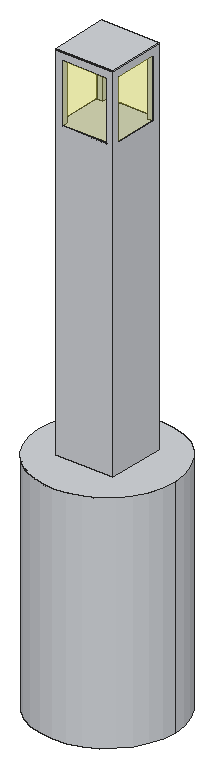
Revit family "MR_ОсветительныйПрибор_FrattoQ", category Осветительные приборы, Revit 2020
Family settings
  Размер круглого соединителя = Использовать диаметр
  Тип детали = Нормальный
  На основе рабочей плоскости = Да
  Всегда вертикально = Да
  При загрузке вырезать с полостями = Нет
  Источник света = Да
  Общий = Да
  Точка расчета площади = Нет
Parameters (values of type "FrattoQ_800mm_9w_4000K")
  built-in parameter 1150104 = 13.8 (stored number, unit not read)
  built-in parameter 1150134 = 12
  Файл фотометрической сетки = "1237148_HIT_CE_G12_20150210.IES"
  Tilt Angle = 90.00°
  built-in parameter 1150137 = (empty or 0)
  built-in parameter 1150132 = 2
  built-in parameter 1150114 = 1 (stored number, unit not read)
  Dimming Lamp Color Temperature Shift = (empty or 0)
  built-in parameter 1150105 = 51.327 (stored number, unit not read)
  Color Filter = 16777215
  Lumens = 645 lm
  Самосветящий материал = Источник света по умолчанию
  built-in parameter 1150109 = 1 (stored number, unit not read)
  built-in parameter 1150112 = 1 (stored number, unit not read)
  built-in parameter 1150110 = 1 (stored number, unit not read)
  built-in parameter 1150113 = 1 (stored number, unit not read)
  built-in parameter 1150115 = 1 (stored number, unit not read)
  built-in parameter 1114218 = 1 (stored number, unit not read)
  built-in parameter 1114217 = 1 (stored number, unit not read)
  Apparent Load = ADSK_Номинальная мощность / ADSK_Коэффициент мощности  # 9.18367 VA
  Default Elevation = 1219.2 mm
  built-in parameter 1150106 = 0.51327 (stored number, unit not read)
  Description = "FRATTO Q"  # constant formula
  built-in parameter 1150133 = 10 (stored number, unit not read)
  Wattage = 4.34221 W
  built-in parameter 1150139 = (empty or 0)
  Климатическая зона = ""
  Класс Защиты = "I"  # constant formula
  built-in parameter 1150138 = (empty or 0)
  built-in parameter 1150107 = 4000 (stored number, unit not read)
  built-in parameter 1150102 = (empty or 0)
  Emit from Circle Diameter = 100 mm
  Закладная Тип5_370x370x400 = no
  Закладная Тип1_H500mm = yes
  Закладная Тип1_H250mm = no
  Model = "FRATTO Q"  # constant formula
  Видимая форма излучения при визуализации = yes
  IP Class = "IP65"  # constant formula
  ADSK_Этаж = ""
  ADSK_Ток = ADSK_Номинальная мощность / (ADSK_Коэффициент мощности * ADSK_Напряжение * sqrt(ADSK_Количество фаз числовое))  # 0.039929 A
  ADSK_Размер_Высота = 800 mm
  ADSK_Примечание = ""
  ADSK_Полная мощность = ADSK_Номинальная мощность / ADSK_Коэффициент мощности  # 9.18367 VA
  ADSK_Позиция = ""
  ADSK_Номинальная мощность = 9 W
  ADSK_Напряжение = 230 V
  ADSK_Наименование = "FrattoQ_800mm_9w_4000K"
  ADSK_Материал = none
  ADSK_Масса = 5.7
  ADSK_Марка = ""
  ADSK_Коэффициент мощности = 0.98
  ADSK_Количество фаз числовое = 1
  ADSK_Количество фаз = 1
  ADSK_Количество = 1  # constant formula
  ADSK_Код изделия = "P865247__NW"
  ADSK_Классификация нагрузок = Освещение
  ADSK_Завод-изготовитель = "MartiniRUS"  # constant formula
  ADSK_Единица измерения = "шт."  # constant formula
  ADSK_Группирование = "Наружное освещение_светильник"
  ADSK_URL страницы изделия = "https://martinirus.ru/products/outdoor/frattoq"
Types (5, lengths in mm): name | built-in parameter 1150134 | built-in parameter 1150105 | Lumens | built-in parameter 1150106 | Wattage | built-in parameter 1150107 | Закладная Тип1_H500mm | Закладная Тип1_H250mm | ADSK_Размер_Высота | ADSK_Наименование | ADSK_Масса | ADSK_Код изделия
  (no name) | 12 | 51.327 (stored number, unit not read) | 645 lm | 0.51327 (stored number, unit not read) | 4.34221 W | 4000 (stored number, unit not read) | yes | no | 800 | "FrattoQ_800mm_9w_4000K" | 5.7 | "P865247__NW"
  FrattoQ_800mm_9w_2700K | (empty or 0) | 50.134 (stored number, unit not read) | 630 lm | 0.50134 (stored number, unit not read) | 4.24123 W | 2700 (stored number, unit not read) | yes | no | 800 | "FrattoQ_800mm_9w_2700K" | 5.7 | "P865247__EW"
  FrattoQ_800mm_9w_4000K | 12 | 51.327 (stored number, unit not read) | 645 lm | 0.51327 (stored number, unit not read) | 4.34221 W | 4000 (stored number, unit not read) | yes | no | 800 | "FrattoQ_800mm_9w_4000K" | 5.7 | "P865247__NW"
  FrattoQ_350mm_9w_2700K | (empty or 0) | 50.134 (stored number, unit not read) | 630 lm | 0.50134 (stored number, unit not read) | 4.24123 W | 2700 (stored number, unit not read) | no | yes | 350 | "FrattoQ_350mm_9w_2700K" | 3.8 | "P865315__EW"
  FrattoQ_350mm_9w_4000K | 12 | 51.327 (stored number, unit not read) | 645 lm | 0.51327 (stored number, unit not read) | 4.34221 W | 4000 (stored number, unit not read) | no | yes | 350 | "FrattoQ_350mm_9w_4000K" | 3.8 | "P865315__NW"
Reference planes
  plane 1 "По центру (Вперед/Назад)": y = 0
  plane 2: z = 0
  plane 3 "По центру (Влево/Вправо)": x = 0
  plane 4: z = 800
Forms (mm)
  Extrusion 1, solid, material <- "ADSK_Материал"
    sketch origin (0, 0, 0) x (1, 0, 0) y (0, 1, 0)
      loop
        line (-62.5, 62.5) -> (-62.5, -62.5) -> (62.5, -62.5) -> (62.5, 62.5) -> (-62.5, 62.5)
    from 0 to 800
  Extrusion 2, void
    sketch origin (157.101, 0, 800) x (0, 1, 0) y (1, 0, 0)
      loop
        line (49, -220.851) -> (49, -206.101) -> (63.75, -206.101) -> (63.75, -108.101) -> (49, -108.101) -> (49, -93.351) -> (-49, -93.351) -> (-49, -108.101) -> (-63.75, -108.101) -> (-63.75, -206.101) -> (-49, -206.101) -> (-49, -220.851) -> (49, -220.851)
    from 16.715 to 146.326
  Extrusion 3, solid
    sketch origin (157.101, 0, 800) x (1, 0, 0) y (0, 1, 0)
      loop
        line (-220.601, 63.5) -> (-220.601, -63.5) -> (-93.601, -63.5) -> (-93.601, 63.5) -> (-220.601, 63.5)
    from 0 to 1.622
  Extrusion 4, solid, material "Источник света по умолчанию" <- "Самосветящий материал"
    sketch origin (157.101, 0, 800) x (1, 0, 0) y (0, 1, 0)
      loop
        line (-218.619, 49) -> (-218.619, -49) -> (-217.009, -49) -> (-217.009, 49) -> (-218.619, 49)
      loop
        line (-206.101, -60.179) -> (-206.101, -61.657) -> (-108.101, -61.657) -> (-108.101, -60.179) -> (-206.101, -60.179)
      loop
        line (-96.792, -49) -> (-95.277, -49) -> (-95.277, 49) -> (-96.792, 49) -> (-96.792, -49)
      loop
        line (-108.101, 59.89) -> (-108.101, 61.81) -> (-206.101, 61.81) -> (-206.101, 59.89) -> (-108.101, 59.89)
    from -146.326 to -16.715
Cuts and joins
  Extrusion 2 cuts Extrusion 1
Dimensions and locks
  equal spacing: Extrusion 1, Extrusion 2 sketch curve, Extrusion 2 sketch curve, Extrusion 1  (x3)
  Extrusion 1 to Extrusion 1 = 125 mm
  cut or joined group of Extrusion 1, Extrusion 2 to cut or joined group of Extrusion 1, Extrusion 2 to cut or joined group of Extrusion 1, Extrusion 2 = 16.715 mm, 129.611 mm
  "ADSK_Размер_Высота": level to plane 4
  imposter light to plane 4 = 57.956 mm
  locked: Extrusion 4 to cut or joined group of Extrusion 1, Extrusion 2 at 129.611
  aligned and locked: level to plane 2
  aligned and locked: plane 4 to cut or joined group of Extrusion 1, Extrusion 2
  aligned and locked: cut or joined group of Extrusion 1, Extrusion 2 to Extrusion 4
Automatic sketch dimensions
  Extrusion 1 sketch curve to plane 3 "По центру (Влево/Вправо)" = 62.5 mm
  plane 3 "По центру (Влево/Вправо)" to Extrusion 1 sketch curve = 62.5 mm
  plane 1 "По центру (Вперед/Назад)" to Extrusion 1 sketch curve = 62.5 mm
  Extrusion 1 sketch curve to plane 1 "По центру (Вперед/Назад)" = 62.5 mm
  Extrusion 3 sketch curve to plane 3 "По центру (Влево/Вправо)" = 63.5 mm
  plane 3 "По центру (Влево/Вправо)" to Extrusion 3 sketch curve = 63.5 mm
  plane 1 "По центру (Вперед/Назад)" to Extrusion 3 sketch curve = 63.5 mm
  Extrusion 3 sketch curve to plane 1 "По центру (Вперед/Назад)" = 63.5 mm
  Extrusion 4 sketch curve to plane 3 "По центру (Влево/Вправо)" = 61.518 mm
  Extrusion 4 sketch curve to Extrusion 4 sketch curve = 1.611 mm
  Extrusion 4 sketch curve to Extrusion 4 sketch curve = 10.908 mm  (x2)
  plane 3 "По центру (Влево/Вправо)" to Extrusion 4 sketch curve = 49 mm  (x2)
  Extrusion 4 sketch curve to Extrusion 4 sketch curve = 11.309 mm
  Extrusion 4 sketch curve to Extrusion 4 sketch curve = 1.516 mm
  plane 1 "По центру (Вперед/Назад)" to Extrusion 4 sketch curve = 61.657 mm
  Extrusion 4 sketch curve to Extrusion 4 sketch curve = 1.478 mm
  Extrusion 4 sketch curve to Extrusion 4 sketch curve = 11.179 mm  (x2)
  Extrusion 4 sketch curve to plane 1 "По центру (Вперед/Назад)" = 49 mm  (x2)
  Extrusion 4 sketch curve to Extrusion 4 sketch curve = 10.89 mm
  Extrusion 4 sketch curve to Extrusion 4 sketch curve = 1.92 mm
  Extrusion 2 sketch curve to plane 3 "По центру (Влево/Вправо)" = 63.75 mm
  Extrusion 2 sketch curve to Extrusion 2 sketch curve = 14.75 mm  (x6)
  plane 3 "По центру (Влево/Вправо)" to Extrusion 2 sketch curve = 49 mm  (x2)
  plane 1 "По центру (Вперед/Назад)" to Extrusion 2 sketch curve = 63.75 mm
  Extrusion 2 sketch curve to plane 1 "По центру (Вперед/Назад)" = 49 mm  (x2)
Nested families
  nested 1: "MR_Аксессуар_Закладные" at (0, 0, 0), visible <- "Закладная Тип1_H250mm", type "ЗакладнойЭлемент_тип1_H250mm"
    with ADSK_Позиция ""
  nested 2: "MR_Аксессуар_Закладные" at (0, 0, 0), visible <- "Закладная Тип1_H500mm", type "ЗакладнойЭлемент_тип1_H500mm"
    with ADSK_Позиция ""
  nested 3: "MR_Аксессуар_Закладные" at (0, 0, 0), visible <- "Закладная Тип5_370x370x400", type "ЗакладнойЭлемент_тип5_370х370х400"
    with ADSK_Позиция ""
Connectors
  electrical at (0, 0, 0), driven by "ADSK_Количество фаз", driven by "ADSK_Классификация нагрузок", driven by "ADSK_Напряжение", driven by "ADSK_Полная мощность", driven by "ADSK_Коэффициент мощности"
    settings: index 1, voltage 230 V, apparent load 0 VA, apparent load phase1 9.18367 VA, apparent load phase2 0 VA, apparent load phase3 0 VA, power factor 0.98, load classification "Освещение", number of poles 1, system type 31, power factor state 1, is connector primary yes, connector utility no, sub classification motor no, connector description ""
Definition of nested family "MR_Аксессуар_Закладные"
  Parameters (values of type "ЗакладнойЭлемент_тип6_1300х1300х300")
    Тип_6_1300х1300х300 = yes
    Тип_5_200х200х400 = no
    Тип_5 370х370400 = no
    Тип_4_H_1500mm = no
    Тип_3_H_1500mm = no
    Тип_3_H_1000mm = no
    Тип_2_H_700mm = no
    Тип_1_H_1500mm = no
    Тип_1_H_500mm = no
    Тип_1_H_250mm = no
    Default Elevation = 1219.2 mm
    Description = "Закладная"  # constant formula
    Model = "Закладная"  # constant formula
    ADSK_Этаж = ""
    ADSK_Примечание = ""
    ADSK_Позиция [instance] = ""
    ADSK_Наименование = "ЗакладнойЭлемент_тип6_1300х1300х300"
    ADSK_Материал = none
    ADSK_Масса = 0
    ADSK_Марка = ""
    ADSK_Количество = 1
    ADSK_Код изделия = "P26445000"
    ADSK_Завод-изготовитель = "MartiniRUS"  # constant formula
    ADSK_Единица измерения = "шт."  # constant formula
    ADSK_Группирование = "Наружное освещение_аксессуар"
    ADSK_URL страницы изделия = "https://martinirus.ru/"
  Types (11, lengths in mm): name | Тип_6_1300х1300х300 | Тип_5_200х200х400 | Тип_5 370х370400 | Тип_4_H_1500mm | Тип_3_H_1500mm | Тип_3_H_1000mm | Тип_2_H_700mm | Тип_1_H_1500mm | Тип_1_H_500mm | Тип_1_H_250mm | ADSK_Наименование | ADSK_Код изделия
    (no name) | yes | no | no | no | no | no | no | no | no | no | "ЗакладнойЭлемент_тип6_1300х1300х300" | "P26445000"
    ЗакладнойЭлемент_тип1_H250mm | no | no | no | no | no | no | no | no | no | yes | "ЗакладнойЭлемент_тип1_H250mm" | "P26570500"
    ЗакладнойЭлемент_тип1_H500mm | no | no | no | no | no | no | no | no | yes | no | "ЗакладнойЭлемент_тип1_H500mm" | "P26565800"
    ЗакладнойЭлемент_тип1_H1500mm | no | no | no | no | no | no | no | yes | no | no | "ЗакладнойЭлемент_тип1_H1500mm" | "P26563000"
    ЗакладнойЭлемент_тип2_H700mm | no | no | no | no | no | no | yes | no | no | no | "ЗакладнойЭлемент_тип2_H700mm" | "P26464800"
    ЗакладнойЭлемент_тип3_H1000mm | no | no | no | no | no | yes | no | no | no | no | "ЗакладнойЭлемент_тип3_H1000mm" | "P86564900"
    ЗакладнойЭлемент_тип3_H1500mm | no | no | no | no | yes | no | no | no | no | no | "ЗакладнойЭлемент_тип3_H1500mm" | "P86565000"
    ЗакладнойЭлемент_тип4_H1500mm | no | no | no | yes | no | no | no | no | no | no | "ЗакладнойЭлемент_тип4_H1500mm" | "P26444900"
    ЗакладнойЭлемент_тип5_200х200х400 | no | yes | no | no | no | no | no | no | no | no | "ЗакладнойЭлемент_тип5_200х200х400" | "P26566000"
    ЗакладнойЭлемент_тип5_370х370х400 | no | no | yes | no | no | no | no | no | no | no | "ЗакладнойЭлемент_тип5_370х370х400" | "P26563100"
    ЗакладнойЭлемент_тип6_1300х1300х300 | yes | no | no | no | no | no | no | no | no | no | "ЗакладнойЭлемент_тип6_1300х1300х300" | "P26445000"
  Reference planes
    plane 1 "По центру (Вперед/Назад)": y = 0
    plane 2: z = 0
    plane 3 "По центру (Влево/Вправо)": x = 0
  Forms (mm)
    Extrusion 1, solid, visible <- "Тип_1_H_250mm"
      sketch origin (0, 0, 0) x (1, 0, 0) y (0, 1, 0)
        loop
          circle (0, 0) r 150
      from -5.959 to -250
    Extrusion 2, solid, visible <- "Тип_1_H_500mm"
      sketch origin (0, 0, 0) x (1, 0, 0) y (0, 1, 0)
        loop
          circle (0, 0) r 150
      from -5.959 to -500
    Extrusion 3, solid, visible <- "Тип_1_H_1500mm"
      sketch origin (0, 0, 0) x (1, 0, 0) y (0, 1, 0)
        loop
          circle (0, 0) r 150
      from -5.959 to -1500
    Extrusion 4, solid, visible <- "Тип_2_H_700mm"
      sketch origin (0, 0, 0) x (1, 0, 0) y (0, 1, 0)
        loop
          circle (0, 0) r 230
      from -5.959 to -700
    Extrusion 5, solid, visible <- "Тип_3_H_1500mm"
      sketch origin (0, 0, 0) x (1, 0, 0) y (0, 1, 0)
        loop
          circle (0, 0) r 100
      from -5.959 to -1500
    Extrusion 6, solid, visible <- "Тип_3_H_1000mm"
      sketch origin (0, 0, 0) x (1, 0, 0) y (0, 1, 0)
        loop
          circle (0, 0) r 100
      from -5.959 to -1000
    Extrusion 7, solid, visible <- "Тип_4_H_1500mm"
      sketch origin (0, 0, 0) x (1, 0, 0) y (0, 1, 0)
        loop
          circle (0, 0) r 175
      from -5.959 to -1500
    Extrusion 8, solid, visible <- "Тип_5_200х200х400"
      sketch origin (0, 0, 0) x (1, 0, 0) y (0, 1, 0)
        loop
          line (-200, 200) -> (-200, -200) -> (200, -200) -> (200, 200) -> (-200, 200)
      from -400 to -5.959
    Extrusion 9, solid, visible <- "Тип_5 370х370400"
      sketch origin (0, 0, 0) x (1, 0, 0) y (0, 1, 0)
        loop
          line (-200, 200) -> (-200, -200) -> (200, -200) -> (200, 200) -> (-200, 200)
      from -400 to -5.959
    Extrusion 10, solid, visible <- "Тип_6_1300х1300х300"
      sketch origin (0, 0, 0) x (1, 0, 0) y (0, 1, 0)
        loop
          line (-750, 750) -> (-750, -750) -> (750, -750) -> (750, 750) -> (-750, 750)
      from -250 to -5.959
  Dimensions and locks
    aligned and locked: level to plane 2
